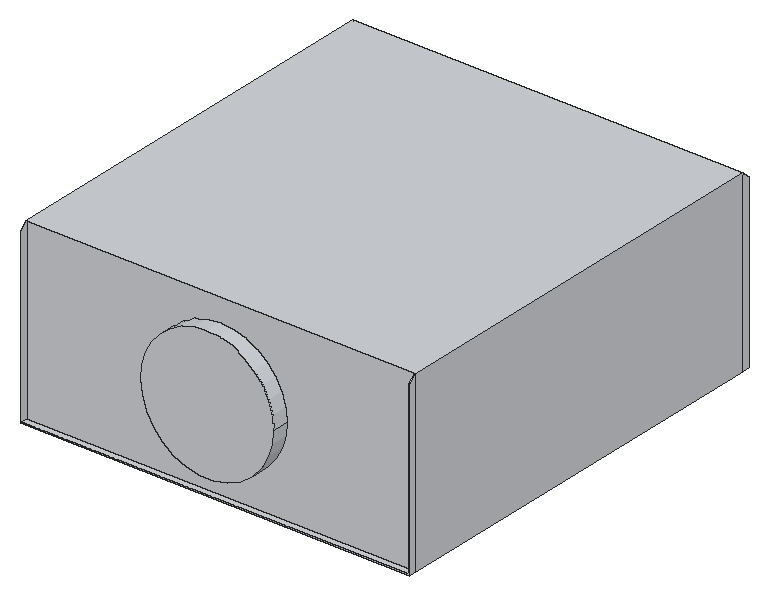
Revit family "CADS_Vent-Axia_MechEquip_Fan_QPTW_QuietPackTwin - EXTRACT", category Mechanical Equipment, host Face, Revit 2020
Family settings
  Host = Face
  Round Connector Dimension = Use Diameter
  Classification = None
  Part Type = Normal
  OmniClass Number = 23.75.35.17.11
  OmniClass Title = Fans for Air Ductwork
  Cut with Voids When Loaded = No
  Shared = No
  Room Calculation Point = No
Parameters (values of type "QPTW400C")
  WorkingPressure = 0.0 Pa
  WarrantyStartDate [instance] = "1900-12-31T23:59:59"
  WarrantyPeriod = ""
  WarrantyIdentifier = "N/A"
  WarrantyGuarantorParts = "tech@vent-axia.com"
  WarrantyGuarantorLabor = "tech@vent-axia.com"
  WarrantyGuarantor = "Vent-Axia Limited"
  WarrantyEndDate [instance] = "1900-12-31T23:59:59"
  WarrantyContent = ""
  W = 0 mm
  Type Image = CADS_Vent-Axia_MechEquip_Fan_QPTW_QuietPackTwin.jpg
  TemperatureRange = ""
  TagNumber [instance] = "N/A"
  SustainabilityPerformance = ""
  Status = "New"
  SpigotCLHeight = NominalHeight / 2  # 268 mm
  Size = ""
  Shape = ""
  ServiceLifeType = ""
  ServiceLifeDuration = ""
  SerialNumber [instance] = "N/A"
  ReplacementCost = ""
  RatedVoltage = 0 V
  RatedCurrent = 0 A
  Quantity = 1
  ProductionYear = ""
  PressureCurve = ""
  PowerFactor = ""
  PointOfContact = ""
  OutOffset = 0 mm  # constant formula
  NumberOfPoles = 0
  NominalWidth = 1176 mm
  NominalLength = 1255 mm
  NominalHeight = 536 mm
  NominalFrequencyRange = ""
  NominalDiameter = 400 mm
  ModelReference = "QPTW400C QUIET PACK TWIN FAN"
  ModelNumber = "QPTW400C"
  Material = ""
  ManufacturerE-Mail = "tech@vent-axia.com"
  ManufacturerAddress = "Fleming Way\nCrawley \nRH10 9YX"
  L = NominalLength - 20 mm  # 1235 mm
  IsExtendedWarranty = no
  InsulationStandardClass = ""
  InstallationDate [instance] = "1900-12-31T23:59:59"
  IfcExportType [instance] = ""
  IfcExportAs [instance] = "IfcFanType"
  IP_Code = ""
  HasProtectiveEarth = no
  H = 0 mm
  GrossWeight = 0.00 kg
  Grade = ""
  GlobalTradeItemNumber [instance] = "N/A"
  Fitting Type = "Ignore"
  Finish = ""
  Features = ""
  ExteriorInsulation = no
  ExpectedServiceLife = 0
  Exclusions = ""
  EBVoffset = 80.486 mm
  EBHoffset = 205.5 mm
  DurationUnit = "Year"
  Default Elevation = 1219.2 mm
  Constituents = ""
  ConductorFunction = ""
  Color = ""
  CodePerformance = ""
  Category = ""
  CADS_Usage = 0
  CADS_Index = 0
  AssetType = "FIXED"
  AssetIdentifier [instance] = "N/A"
  AssemblyPlace = "UNKNOWN"
  ArticleNumber [instance] = "N/A"
  AirflowRateRange = 0.0 L/s
  Air Flow = 0.0 L/s
  AccessibilityPerformance = ""
Types (7, lengths in mm): name | Type Image | SpigotCLHeight | NominalWidth | NominalLength | NominalHeight | NominalDiameter | ModelReference | ModelNumber | L
  QPTW100C | <None> | 128 | 622 | 610 | 256 | 100 | "QPTW100C QUIET PACK TWIN FAN" | "QPTW100C" | 590
  QPTW125C | <None> | 128 | 622 | 610 | 256 | 125 | "QPTW125C QUIET PACK TWIN FAN" | "QPTW125C" | 590
  QPTW150C | <None> | 128 | 622 | 610 | 256 | 150 | "QPTW150C QUIET PACK TWIN FAN" | "QPTW150C" | 590
  QPTW160C | <None> | 128 | 622 | 610 | 256 | 160 | "QPTW160C QUIET PACK TWIN FAN" | "QPTW160C" | 590
  QPTW250C | <None> | 177 | 829 | 925 | 354 | 250 | "QPTW250C QUIET PACK TWIN FAN" | "QPTW250C" | 905
  QPTW315C | <None> | 268 | 1176 | 1255 | 536 | 315 | "QPTW315C QUIET PACK TWIN FAN" | "QPTW315C" | 1235
  QPTW400C | CADS_Vent-Axia_MechEquip_Fan_QPTW_QuietPackTwin.jpg | 268 | 1176 | 1255 | 536 | 400 | "QPTW400C QUIET PACK TWIN FAN" | "QPTW400C" | 1235
Reference planes
  plane 1 "Center (Front/Back)": y = 0
  plane 2: z = 0
  plane 3 "Center (Left/Right)": x = 0
  plane 4 "Left Face": x = -588
  plane 5 "out face": y = -617.5
  plane 6 "right face": x = 588
  plane 7 "in face": y = 617.5
  plane 8: x = 0
  plane 9: z = 268
  plane 10 "top face": z = 536
  plane 11: y = -637.5
  plane 12: y = 637.5
  plane 13: x = 608
Forms (mm)
  Extrusion 1, solid
    sketch origin (0, 0, 0) x (1, 0, 0) y (0, 1, 0)
      loop
        line (-588, 617.5) -> (-588, -617.5) -> (588, -617.5) -> (588, 617.5) -> (-588, 617.5)
    from 0 to 536 <- "NominalHeight"
  Extrusion 2, solid
    sketch origin (0, -617.5, 0) x (1, 0, 0) y (0, 0, 1)
      loop
        circle (0, 268) r 200
    from 0 to 50
  Extrusion 3, solid
    sketch origin (0, 617.5, 0) x (1, 0, 0) y (0, 0, -1)
      loop
        circle (0, -268) r 200
    from 0 to 51.496
  Sweep 4, solid
    path origin (0, -617.5, 0) x (1, 0, 0) y (0, 0, 1)
      loop
        line (-588, 536) -> (-588, 0) -> (588, 0) -> (588, 536)
    profile origin (-588, -617.5, 268) x (0, -1, 0) y (1, 0, 0)
      loop
        line (0, 0) -> (20, 0) -> (20, 3) -> (0, 3) -> (0, 0)
  Sweep 5, solid
    path origin (0, 617.5, 0) x (1, 0, 0) y (0, 0, 1)
      loop
        line (588, 536) -> (588, 0) -> (-588, 0) -> (-588, 536)
    profile origin (588, 617.5, 268) x (0, 1, 0) y (-1, 0, 0)
      loop
        line (20, 3) -> (0, 3) -> (0, 0) -> (20, 0) -> (20, 3)
  Sweep 6, void
    path origin (0, 0, 536) x (1, 0, 0) y (0, 1, 0)
      loop
        line (-588, -637.5) -> (608, -637.5) -> (608, 637.5) -> (-588, 637.5)
    profile origin (10, -637.5, 536) x (0, 1, 0) y (0, 0, 1)
      loop
        line (20, 0) -> (0, 0) -> (0, -20) -> (20, 0)
Cuts and joins
  Sweep 6 cuts Sweep 4
  Sweep 6 cuts Sweep 5
  joined: Sweep 4, Sweep 5
  Sweep 6 cuts Extrusion 1
Lines and regions (mm)
  model lines
    curve 1: line (0, 0, 536) -> (0, 100, 536)
    curve 2: line (0, 0, 536) -> (-9.059, 33.807, 536)
    curve 3: line (0, 0, 536) -> (9.059, 33.807, 536)
  model lines, not visible
    curve 4: line (0, 0, 536) -> (0, 100, 536)
    curve 5: line (0, 0, 536) -> (-9.059, 33.807, 536)
    curve 6: line (0, 0, 536) -> (9.059, 33.807, 536)
Dimensions and locks
  "NominalWidth": plane 4 "Left Face" to plane 6 "right face"
  equal spacing: plane 4 "Left Face", plane 3 "Center (Left/Right)", plane 6 "right face"
  "L": plane 5 "out face" to plane 7 "in face"
  equal spacing: plane 5 "out face", plane 1 "Center (Front/Back)", plane 7 "in face"
  "OutOffset": plane 8 to plane 3 "Center (Left/Right)"
  "SpigotCLHeight": plane 9 to plane 2
  plane 8 to Extrusion 2 sketch curve = 0 mm
  Extrusion 3 sketch curve to plane 9 = 0 mm
  Extrusion 2 sketch curve to plane 9 = 0 mm
  Extrusion 3 sketch curve to plane 8 = 0 mm
  "NominalHeight": level to plane 10 "top face"
  plane 5 "out face" to plane 11 = 20 mm
  plane 7 "in face" to plane 12 = 20 mm
  plane 6 "right face" to plane 13 = 20 mm
  "NominalDiameter": diameter of Extrusion 2 sketch curve
  "NominalDiameter": diameter of Extrusion 3 sketch curve
  aligned and locked: plane 2 to host face
  aligned and locked: level to host face
  aligned and locked: Sweep 4 sketch curve to plane 6 "right face"
  aligned and locked: Sweep 4 sketch curve to plane 4 "Left Face"
  aligned and locked: Sweep 6 sketch curve to plane 12
  aligned and locked: Sweep 6 sketch curve to plane 13
  aligned and locked: profile plane to Sweep 4 sketch curve
  aligned and locked: plane 11 to Sweep 4 sketch curve
  aligned and locked: plane 3 "Center (Left/Right)" to curve 1
  aligned and locked: plane 1 "Center (Front/Back)" to curve 3
Automatic sketch dimensions
  host sketch curve to host sketch curve = 2438.4 mm  (x2)
  Extrusion 1 sketch curve to plane 4 "Left Face" = 0 mm
  Extrusion 1 sketch curve to plane 5 "out face" = 0 mm
  Extrusion 1 sketch curve to plane 6 "right face" = 0 mm
  plane 7 "in face" to Extrusion 1 sketch curve = 0 mm
  profile plane to Sweep 4 sketch curve = 0 mm
  Sweep 4 sketch curve to profile plane = 3 mm
  Sweep 5 sketch curve to profile plane = 3 mm
  plane 7 "in face" to Sweep 5 sketch curve = 20 mm
  profile plane to Sweep 5 sketch curve = 0 mm
  Sweep 5 sketch curve to Sweep 5 sketch curve = 20 mm
  Sweep 6 sketch curve to plane 4 "Left Face" = 0 mm  (x2)
  Sweep 6 sketch curve to plane 11 = 0 mm
  Sweep 6 sketch curve to plane 10 "top face" = 0 mm
  Sweep 6 sketch curve to profile plane = 0 mm
  Sweep 6 sketch curve to Sweep 6 sketch curve = 20 mm  (x2)
  Sweep 4 sketch curve to level = 0 mm
  Sweep 4 sketch curve to plane 10 "top face" = 0 mm  (x2)
  Sweep 5 sketch curve to level = 0 mm
  Sweep 5 sketch curve to plane 4 "Left Face" = 0 mm
  plane 6 "right face" to Sweep 5 sketch curve = 0 mm
  Sweep 5 sketch curve to plane 10 "top face" = 0 mm  (x2)
Connectors
  hvac at (0, -667.5, 268), driven by "NominalDiameter", driven by "Air Flow"
    settings: on Extrusion 2, index 1, duct flow 0.0 L/s, flow factor 0, pres drop 0.0 Pa, loss coef 0, conn angle 0.00°, conn width 304.8 mm, conn height 304.8 mm, conn diameter 400 mm, duct sys type 3, conn prof type 0, flow config 1, flow direction 2, loss method 0, conn ref index -1, conn util no, is conn primary yes, conn desc ""
  hvac at (0, 668.996, 268), driven by "NominalDiameter", driven by "Air Flow"
    settings: on Extrusion 3, index 2, duct flow 0.0 L/s, flow factor 0, pres drop 0.0 Pa, loss coef 0, conn angle 0.00°, conn width 304.8 mm, conn height 304.8 mm, conn diameter 400 mm, duct sys type 2, conn prof type 0, flow config 0, flow direction 1, loss method 0, conn ref index -1, conn util no, is conn primary no, conn desc ""
